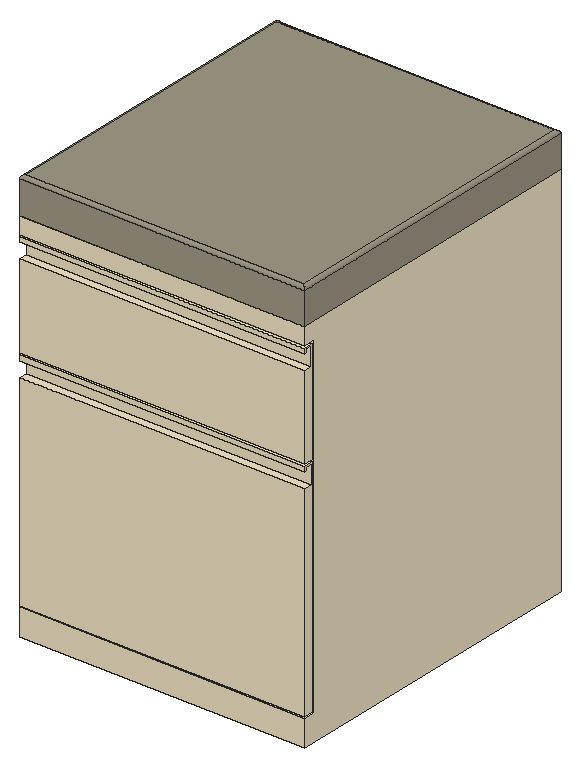
Revit family "M_Sistema de mobiliário-armazenamento-armário-2 gavetas", category Sistema de mobiliário, Revit 2019
Family settings
  Cota do conector redondo = Utilizar diâmetro
  Tipo de parte = Normal
  Número OmniClass = 23.40.70.14.64.21
  Título OmniClass = Systems Furniture
  Com base no plano de trabalho = Não
  Sempre na vertical = Sim
  Corte com vazios quando carregada = Não
  Compartilhado = Não
  Ponto de cálculo do ambiente = Não
Parameters (values of type "400 x 450 x 550mm")
  Largura = 400 mm
  Comentários de tipos = "Armário com gaveta dupla de 400 x 450 x 550 mm"
  Mostrar sólido [instance] = not(Mostrar com traços)  # yes
  Mostrar com traços [instance] = no
  Assento visível [instance] = yes
  Material do assento [instance] = Tela – Juta
  Model = ""
  Manufacturer = ""
  Keynote = ""
  Altura = 550 mm
  Material da gaveta [instance] = Metal – Pintado – Bege
  Description = ""
  Linear = 450 mm
  Material do armário [instance] = Metal – Pintado – Bege
Types (4, lengths in mm): name | Largura | Comentários de tipos | Linear
  400 x 550 x 550mm | 400 | "Armário com gaveta dupla de 400 x 550 x 550 mm" | 550
  450 x 550 x 550mm | 450 | "Armário com gaveta dupla de 450 x 550 x 550 mm" | 550
  400 x 450 x 550mm | 400 | "Armário com gaveta dupla de 400 x 450 x 550 mm" | 450
  450 x 450 x 550mm | 450 | "Armário com gaveta dupla de 450 x 450 x 550 mm" | 450
Reference planes
  plane 1 "Parte posterior": y = 450
  plane 2: z = 0
  plane 3 "Centro (Esquerda/Direita)": x = 0
  plane 4 "Esquerda": x = -200
  plane 5 "Direita": x = 200
  plane 6 "Centro (Frente/Trás)": y = 0
  plane 7: y = 16.662
  plane 8 "Superior": z = 550
  plane 9: z = 56.356
  plane 10: z = 526.188
  plane 11: z = 523.012
  plane 12: z = 494.845
  plane 13: z = 376.963
  plane 14: z = 373.788
  plane 15: z = 345.62
  plane 16: z = 19.05
  plane 17: y = 76.2
  plane 18: y = 373.8
  plane 19: x = -146.025
  plane 20: x = -101.575
  plane 21: x = 146.025
  plane 22: x = 101.575
  plane 23 "Parte de cima do assento": z = 600.8
  plane 24: y = 13.487
  plane 25: z = 900
Forms (mm)
  Extrusion 1, solid, material "Metal – Pintado – Bege" <- "Material do armário"
    sketch origin (0, 558.8, 0) x (1, 0, 0) y (0, 1, 0)
      loop
        line (-200, -108.8) -> (-200, -542.138) -> (200, -542.138) -> (200, -108.8) -> (-200, -108.8)
    from 56.356 to 526.188
  Extrusion 2, solid, material "Metal – Pintado – Bege" <- "Material do armário"
    sketch origin (0, 558.8, 0) x (1, 0, 0) y (0, 1, 0)
      loop
        line (-200, -108.8) -> (-200, -558.8) -> (200, -558.8) -> (200, -108.8) -> (-200, -108.8)
    from 526.188 to 550
  Extrusion 3, solid, material "Metal – Pintado – Bege" <- "Material do armário"
    sketch origin (0, 558.8, 0) x (1, 0, 0) y (0, 1, 0)
      loop
        line (-200, -108.8) -> (-200, -558.8) -> (200, -558.8) -> (200, -108.8) -> (-200, -108.8)
    from 19.05 to 56.356
  Extrusion 4, solid, material "Metal – Pintado – Bege" <- "Material da gaveta", detail levels medium+fine
    sketch origin (0, 0, 0) x (0, 1, 0) y (0, 0, 1)
      loop
        line (0, 494.845) -> (0, 376.963) -> (13.487, 376.963) -> (13.487, 523.012) -> (0, 523.012) -> (0, 516.663) -> (1.524, 516.663) -> (1.524, 521.488) -> (11.9, 521.488) -> (11.9, 494.845) -> (0, 494.845)
    from -200 to 200
  Extrusion 5, solid, material "Metal – Pintado – Bege" <- "Material da gaveta", detail levels medium+fine
    sketch origin (0, 0, 0) x (0, 1, 0) y (0, 0, 1)
      loop
        line (0, 345.62) -> (0, 58.737) -> (13.487, 58.737) -> (13.487, 373.788) -> (0, 373.788) -> (0, 367.438) -> (1.524, 367.438) -> (1.524, 372.264) -> (11.929, 372.264) -> (11.929, 345.62) -> (0, 345.62)
    from -200 to 200
  Extrusion 6, solid
    sketch origin (0, 0, 0) x (0, 1, 0) y (0, 0, 1)
      loop
        line (51.917, 19.05) -> (56.82, 9.206) -> (65.472, 2.419) -> (76.2, 0) -> (86.928, 2.419) -> (95.58, 9.206) -> (100.483, 19.05) -> (51.917, 19.05)
      loop
        line (349.517, 19.05) -> (354.42, 9.206) -> (363.072, 2.419) -> (373.8, 0) -> (384.528, 2.419) -> (393.18, 9.206) -> (398.083, 19.05) -> (349.517, 19.05)
    from -146.025 to -101.575
  Extrusion 7, solid
    sketch origin (0, -279.4, 0) x (0, 1, 0) y (0, 0, 1)
      loop
        line (331.317, 19.05) -> (336.22, 9.206) -> (344.872, 2.419) -> (355.6, 0) -> (366.328, 2.419) -> (374.98, 9.206) -> (379.883, 19.05) -> (331.317, 19.05)
      loop
        line (672.58, 9.206) -> (677.483, 19.05) -> (628.917, 19.05) -> (633.82, 9.206) -> (642.472, 2.419) -> (653.2, 0) -> (663.928, 2.419) -> (672.58, 9.206)
    from 101.575 to 146.025
  Extrusion 8, solid, material "Tela – Juta" <- "Material do assento", visible <- "Assento visível"
    sketch origin (0, 558.8, 0) x (1, 0, 0) y (0, 1, 0)
      loop
        line (-200, -108.8) -> (-200, -558.8) -> (200, -558.8) -> (200, -108.8) -> (-200, -108.8)
    from 550 to 600.8
  Extrusion 9, solid, material "Metal – Pintado – Bege" <- "Material da gaveta", detail levels coarse
    sketch origin (0, 450, 0) x (1, 0, 0) y (0, 0, 1)
      loop
        line (-200, 373.788) -> (-200, 59.531) -> (200, 59.531) -> (200, 373.788) -> (-200, 373.788)
      loop
        line (-200, 523.012) -> (-200, 376.963) -> (200, 376.963) -> (200, 523.012) -> (-200, 523.012)
    from 436.513 to 450
  Sweep 10, void
    path origin (0, 0, 600.8) x (-1, 0, 0) y (0, -1, 0)
      loop
        line (200, -450) -> (200, 0) -> (-200, 0) -> (-200, -450) -> (200, -450)
    profile origin (0, 450, 600.8) x (0, 1, 0) y (0, 0, 1)
      loop
        arc (-4.762, 0) -> (-1.395, -1.395) -> (0, -4.763) r 4.763
        line (0, -4.763) -> (0, 0) -> (-4.762, 0)
Cuts and joins
  joined: Extrusion 1, Extrusion 2, Extrusion 3
  Sweep 10 cuts Extrusion 8
Lines and regions (mm)
  Masking region 1, visible <- "Mostrar sólido"
    outline origin (0, 558.8, 0) x (1, 0, 0) y (0, 1, 0)
      loop
        line (-200, -108.8) -> (-200, -558.8) -> (200, -558.8) -> (200, -108.8) -> (-200, -108.8)
  Masking region 2, visible <- "Mostrar com traços"
    outline origin (0, 0, 0) x (1, 0, 0) y (0, 1, 0)
      loop
        line (-200, 450) -> (-200, 0) -> (200, 0) -> (200, 450) -> (-200, 450)
  symbolic lines, style "Armazenamento", visible <- "Mostrar sólido"
    curve 1: line (-200, 16.662, 0) -> (200, 16.662, 0)
    curve 2: line (-200, 16.662, 0) -> (200, 450, 0)
  symbolic lines, style "Linhas tracejadas", visible <- "Mostrar com traços"
    curve 3: line (-200, 16.662, 0) -> (200, 16.662, 0)
    curve 4: line (-200, 16.662, 0) -> (200, 450, 0)
  reference lines
    curve 5: line (0, 0, 0) -> (0, 0, 900)
Dimensions and locks
  "Largura": plane 4 "Esquerda" to plane 5 "Direita"
  "Linear": plane 6 "Centro (Frente/Trás)" to plane 1 "Parte posterior"
  equal spacing: plane 4 "Esquerda", plane 3 "Centro (Esquerda/Direita)", plane 5 "Direita"
  locked: plane 7 to plane 6 "Centro (Frente/Trás)" at 16.662
  locked: plane 9 to Extrusion 5 sketch curve at 2.381
  locked: plane 14 to Extrusion 5 sketch curve at 6.35
  locked: plane 6 "Centro (Frente/Trás)" to Extrusion 5 sketch curve at 1.524
  locked: plane 6 "Centro (Frente/Trás)" to plane 17 at 76.2
  locked: plane 18 to plane 1 "Parte posterior" at 76.2
  plane 20 to plane 19 to plane 4 "Esquerda" = 44.45 mm locked, 53.975 mm locked
  plane 5 "Direita" to plane 21 to plane 22 = 53.975 mm locked, 44.45 mm locked
  "Altura": plane 8 "Superior" to plane 2
  plane 8 "Superior" to plane 10 to plane 11 to plane 12 to plane 13 to plane 14 to plane 15 = 23.812 mm locked, 3.175 mm locked, 28.167 mm locked, 117.883 mm locked, 3.175 mm locked, 28.167 mm locked
  locked: plane 23 "Parte de cima do assento" to plane 8 "Superior" at 50.8
  locked: plane 24 to plane 7 at 3.175
  locked: Extrusion 4 sketch curve to plane 24 at 1.588
  locked: Extrusion 5 sketch curve to plane 24 at 1.558
  locked: Extrusion 9 sketch curve to plane 9 at 3.175
  locked: plane 25 to plane 2 at 900
  aligned and locked: plane 1 "Parte posterior" to Extrusion 1 sketch curve
  aligned and locked: Extrusion 1 sketch curve to plane 5 "Direita"
  aligned and locked: plane 4 "Esquerda" to Extrusion 1 sketch curve
  aligned and locked: plane 7 to Extrusion 1 sketch curve
  aligned and locked: Extrusion 1 to plane 9
  aligned and locked: plane 1 "Parte posterior" to Extrusion 2 sketch curve
  aligned and locked: Extrusion 2 sketch curve to plane 5 "Direita"
  aligned and locked: plane 4 "Esquerda" to Extrusion 2 sketch curve
  aligned and locked: plane 6 "Centro (Frente/Trás)" to Extrusion 2 sketch curve
  aligned and locked: Extrusion 2 to plane 10
  aligned and locked: plane 8 "Superior" to Extrusion 2
  aligned and locked: plane 1 "Parte posterior" to Extrusion 3 sketch curve
  aligned and locked: Extrusion 3 sketch curve to plane 5 "Direita"
  aligned and locked: plane 4 "Esquerda" to Extrusion 3 sketch curve
  aligned and locked: plane 6 "Centro (Frente/Trás)" to Extrusion 3 sketch curve
  aligned and locked: plane 9 to Extrusion 3
  aligned and locked: Extrusion 3 to plane 16
  aligned and locked: Extrusion 1 to plane 10
  aligned and locked: Extrusion 4 sketch curve to plane 11
  aligned and locked: Extrusion 4 sketch curve to plane 6 "Centro (Frente/Trás)"  (x2)
  aligned and locked: Extrusion 4 sketch curve to plane 12
  aligned and locked: plane 13 to Extrusion 4 sketch curve
  aligned and locked: Extrusion 5 sketch curve to plane 15
  aligned and locked: Extrusion 5 sketch curve to plane 6 "Centro (Frente/Trás)"  (x2)
  aligned and locked: Extrusion 5 sketch curve to plane 14
  aligned and locked: Extrusion 5 to plane 4 "Esquerda"
  aligned and locked: plane 5 "Direita" to Extrusion 5
  aligned and locked: Extrusion 4 to plane 4 "Esquerda"
  aligned and locked: plane 5 "Direita" to Extrusion 4
  aligned and locked: plane 19 to Extrusion 6
  aligned and locked: plane 20 to Extrusion 6
  aligned and locked: plane 21 to Extrusion 7
  aligned and locked: plane 22 to Extrusion 7
  aligned and locked: level to plane 2
  aligned and locked: Extrusion 7 sketch curve to Extrusion 6  (x2)
  aligned and locked: plane 1 "Parte posterior" to Extrusion 8 sketch curve
  aligned and locked: plane 4 "Esquerda" to Extrusion 8 sketch curve
  aligned and locked: plane 6 "Centro (Frente/Trás)" to Extrusion 8 sketch curve
  aligned and locked: Extrusion 8 sketch curve to plane 5 "Direita"
  aligned and locked: Extrusion 8 to plane 8 "Superior"
  aligned and locked: plane 23 "Parte de cima do assento" to Extrusion 8
  aligned and locked: plane 24 to Extrusion 4 sketch curve
  aligned and locked: plane 24 to Extrusion 5 sketch curve
  aligned and locked: plane 1 "Parte posterior" to Masking region 1 sketch curve
  aligned and locked: Masking region 1 sketch curve to plane 5 "Direita"
  aligned and locked: plane 6 "Centro (Frente/Trás)" to Masking region 1 sketch curve
  aligned and locked: plane 4 "Esquerda" to Masking region 1 sketch curve
  aligned and locked: plane 4 "Esquerda" to Extrusion 9 sketch curve  (x2)
  aligned and locked: Extrusion 9 sketch curve to plane 14
  aligned and locked: Extrusion 9 sketch curve to plane 5 "Direita"  (x2)
  aligned and locked: plane 13 to Extrusion 9 sketch curve
  aligned and locked: Extrusion 9 sketch curve to plane 11
  aligned and locked: plane 24 to Extrusion 9
  aligned and locked: Extrusion 9 to plane 6 "Centro (Frente/Trás)"
  aligned and locked: plane 1 "Parte posterior" to Sweep 10 sketch curve
  aligned and locked: Sweep 10 sketch curve to plane 5 "Direita"
  aligned and locked: plane 6 "Centro (Frente/Trás)" to Sweep 10 sketch curve
  aligned and locked: plane 4 "Esquerda" to Sweep 10 sketch curve
  aligned and locked: plane 1 "Parte posterior" to curve 2
  aligned and locked: plane 5 "Direita" to curve 3
  aligned and locked: plane 5 "Direita" to curve 4
  aligned and locked: plane 7 to curve 2
  aligned and locked: plane 4 "Esquerda" to curve 2
  aligned and locked: plane 3 "Centro (Esquerda/Direita)" to curve 5
  aligned and locked: plane 2 to curve 5
  aligned and locked: plane 25 to curve 5
  aligned and locked: plane 1 "Parte posterior" to Masking region 2 sketch curve
  aligned and locked: plane 4 "Esquerda" to Masking region 2 sketch curve
  aligned and locked: Masking region 2 sketch curve to plane 5 "Direita"
  aligned and locked: plane 6 "Centro (Frente/Trás)" to Masking region 2 sketch curve
Automatic sketch dimensions
  plane 6 "Centro (Frente/Trás)" to Extrusion 4 sketch curve = 1.524 mm
  Extrusion 4 sketch curve to plane 11 = 6.35 mm
  Extrusion 4 sketch curve to plane 11 = 1.524 mm
  Extrusion 6 sketch curve to plane 16 = 0 mm  (x2)
  Extrusion 6 sketch curve to level = 0 mm  (x2)
  Extrusion 6 sketch curve to plane 17 = 0 mm
  Extrusion 6 sketch curve to plane 18 = 0 mm
  level to Extrusion 6 sketch curve = 2.419 mm  (x4)
  Extrusion 6 sketch curve to plane 17 = 10.728 mm
  level to Extrusion 6 sketch curve = 9.206 mm  (x4)
  Extrusion 6 sketch curve to Extrusion 6 sketch curve = 8.652 mm  (x3)
  Extrusion 6 sketch curve to Extrusion 6 sketch curve = 4.903 mm  (x4)
  plane 17 to Extrusion 6 sketch curve = 10.728 mm
  Extrusion 6 sketch curve to plane 18 = 24.283 mm
  Extrusion 6 sketch curve to plane 18 = 10.728 mm
  plane 18 to Extrusion 6 sketch curve = 10.728 mm
  Extrusion 7 sketch curve to plane 16 = 0 mm  (x2)
  Extrusion 7 sketch curve to level = 0 mm  (x2)
  plane 6 "Centro (Frente/Trás)" to Extrusion 7 sketch curve = 51.917 mm
  level to Extrusion 7 sketch curve = 9.206 mm  (x2)
  Extrusion 7 sketch curve to Extrusion 7 sketch curve = 4.903 mm  (x4)
  level to Extrusion 7 sketch curve = 2.419 mm  (x4)
  Extrusion 7 sketch curve to Extrusion 7 sketch curve = 8.652 mm  (x2)
  Extrusion 7 sketch curve to Extrusion 7 sketch curve = 10.728 mm  (x2)
  Extrusion 7 sketch curve to plane 18 = 10.728 mm
  Extrusion 7 sketch curve to plane 18 = 0 mm
  plane 18 to Extrusion 7 sketch curve = 10.728 mm
  Extrusion 5 sketch curve to plane 14 = 1.524 mm
  Sweep 10 sketch curve to plane 23 "Parte de cima do assento" = 0 mm
  Sweep 10 sketch curve to profile plane = 0 mm
  Sweep 10 sketch curve to plane 23 "Parte de cima do assento" = 4.763 mm
